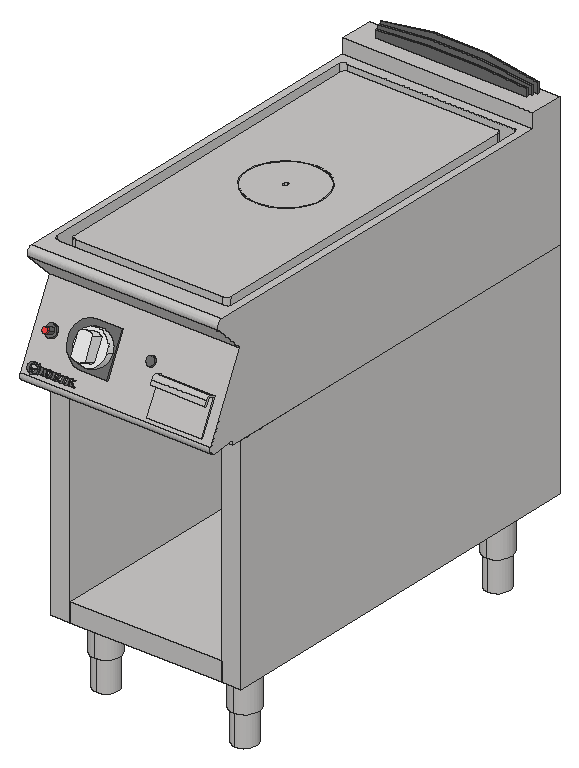
Revit family "QF_GIORIK_TG920G", category Specialty Equipment, Revit 2014
Parameters (values of type "TG920G")
  Weight in Pounds = 198.4158
  URL Cutsheet = "www.giorik.com"
  URL = "www.giorik.com"
  Status [instance] = ""
  Specification by User [instance] = ""
  Specification by Manufacturer = ""
  Show Logo [instance] = yes
  Show Clearance [instance] = yes
  Serial Number = ""
  Seismic Rating = ""
  SMACNA No = ""
  Revision Code [instance] = ""
  NAFEM Spec ID Number = ""
  Model = "TG920G"
  Mechanical Remarks [instance] = "Natural Gas"
  Mechanical Connection Type [instance] = ""
  Masterspec = ""
  Manufacturer = "GIORIK"
  Item Number [instance] = ""
  Installed By [instance] = ""
  Identify Quantity as Lot [instance] = no
  Gas Size = 1"
  Gas RI Height [instance] = 0 mm
  Gas KW = 7.5
  Gas Input = 7500 W
  Gas Connection Height [instance] = 150 mm
  Furnished By [instance] = ""
  Foodservice Equipment Identifier [instance] = yes
  Description = "GAS SOLID TOP HOB ON OPEN BASE UNIT"
  CSI MasterFormat = ""
  Assembly Code = "E1090320"
Reference planes
  plane 1 "Back": y = 0
  plane 2: z = 0
  plane 3 "Left": x = 0
  plane 4 "Right": x = 400
  plane 5 "Front": y = -920
  plane 6 "Top": z = 900
Forms (mm)
  Extrusion 1, solid, visible <- "Show Logo"
    sketch origin (-83.016, -936.624, 609.486) x (-1, 0, 0) y (0, 0.452718, 0.891654)
      loop
        line (-118.824, 58.358) -> (-127.804, 58.358) -> (-125.523, 56.445) -> (-125.523, 48.027) -> (-127.804, 46.113) -> (-118.824, 46.113) -> (-121.105, 48.027) -> (-121.105, 56.445) -> (-118.824, 58.358)
      loop
        line (-163.721, 58.358) -> (-172.7, 58.358) -> (-170.42, 56.445) -> (-170.42, 48.027) -> (-172.7, 46.113) -> (-163.721, 46.113) -> (-166.001, 48.027) -> (-166.001, 56.445) -> (-163.721, 58.358)
      loop
        line (-174.332, 58.358) -> (-183.312, 58.358) -> (-181.031, 56.445) -> (-181.031, 52.435) -> (-186.419, 56.955) -> (-184.416, 58.358) -> (-191.268, 58.358) -> (-188.01, 56.839) -> (-185.455, 54.283) -> (-190.846, 47.858) -> (-193.396, 46.93) -> (-193.396, 46.113) -> (-184.416, 46.113) -> (-185.437, 47.571) -> (-182.443, 51.552) -> (-181.031, 50.894) -> (-181.031, 48.027) -> (-183.312, 46.113) -> (-174.332, 46.113) -> (-176.613, 48.027) -> (-176.613, 56.445) -> (-174.332, 58.358)
      loop
        line (-115.429, 62.063) -> (-115.429, 54.198)
        arc (-115.429, 54.198) -> (-111.618, 57.803) -> (-106.847, 59.986) r 16.039
        arc (-106.847, 59.986) -> (-103.314, 59.837) -> (-100.512, 57.68) r 5.851
        arc (-100.512, 57.68) -> (-98.815, 52.267) -> (-100.512, 46.853) r 9.479
        arc (-100.512, 46.853) -> (-102.406, 44.986) -> (-104.846, 43.93) r 7.236
        arc (-104.846, 43.93) -> (-107.728, 44.111) -> (-110.052, 45.825) r 5.11
        line (-110.052, 45.825) -> (-110.052, 52.001) -> (-116.141, 52.001) -> (-116.141, 45.503) -> (-117.893, 43.751) -> (-114.094, 44.769)
        arc (-114.094, 44.769) -> (-112.56, 44.947) -> (-111.129, 44.366) r 3.115
        arc (-111.129, 44.366) -> (-104.216, 42.091) -> (-97.303, 44.366) r 11.641
        arc (-97.303, 44.366) -> (-93.396, 52.107) -> (-97.303, 59.849) r 9.622
        arc (-97.303, 59.849) -> (-104.369, 62.174) -> (-111.435, 59.849) r 11.898
        line (-111.435, 59.849) -> (-115.429, 62.063)
      loop
        arc (-129.234, 56.068) -> (-135.893, 58.628) -> (-142.552, 56.068) r 9.941
        arc (-142.552, 56.068) -> (-144.234, 52.286) -> (-142.552, 48.505) r 5.093
        arc (-142.552, 48.505) -> (-135.893, 45.945) -> (-129.234, 48.505) r 9.941
        arc (-129.234, 48.505) -> (-127.552, 52.286) -> (-129.234, 56.068) r 5.093
      loop
        arc (-132.628, 54.403) -> (-135.893, 57.668) -> (-139.158, 54.403) r 3.265
        line (-139.158, 54.403) -> (-139.158, 50.169)
        arc (-139.158, 50.169) -> (-135.893, 46.904) -> (-132.628, 50.169) r 3.265
        line (-132.628, 50.169) -> (-132.628, 54.403)
      loop
        arc (-156.363, 58.365) -> (-159.647, 55.081) -> (-156.363, 51.796) r 3.285
        line (-156.363, 51.796) -> (-159.529, 47.306) -> (-162.087, 46.113) -> (-155.847, 46.113) -> (-153.529, 51.083) -> (-150.637, 51.083) -> (-150.637, 47.784) -> (-153.022, 46.113) -> (-144.011, 46.113) -> (-146.094, 47.68) -> (-146.094, 56.493) -> (-144.229, 58.365) -> (-156.363, 58.365)
      loop
        line (-150.637, 57.512) -> (-153.637, 57.512)
        arc (-153.637, 57.512) -> (-156.237, 54.912) -> (-153.637, 52.312) r 2.6
        line (-153.637, 52.312) -> (-150.637, 52.312) -> (-150.637, 57.512)
      loop
        line (-108.924, 52.001) -> (-104.936, 49.005) -> (-100.948, 52.001) -> (-108.924, 52.001)
    from 1.5 to -0.5
  Extrusion 2, solid
    sketch origin (-16, 1025.948, 0) x (1, 0, 0) y (0, 1, 0)
      loop
        line (25, -1086.81) -> (25, -1156.81) -> (115, -1156.81) -> (115, -1086.81) -> (25, -1086.81)
    from 148 to 150
  Extrusion 3, solid
    sketch origin (-4, 0.038, 130) x (1, 0, 0) y (0, 1, 0)
      loop
        circle (54, -385) r 12.5
    from 0 to 20
  Extrusion 4, solid
    sketch origin (0, 800.138, -20) x (0, 1, 0) y (0, 0, 1)
      loop
        line (-800.138, 919.988) -> (-870.138, 919.988) -> (-870.138, 889.988) -> (-1688.806, 889.988)
        arc (-1688.806, 889.988) -> (-1699.151, 883.075) -> (-1696.724, 870.873) r 11.197
        line (-1696.724, 870.873) -> (-1640.876, 815.025) -> (-1718.948, 661.258)
        arc (-1718.948, 661.258) -> (-1718.233, 650.105) -> (-1708.118, 645.354) r 10.981
        line (-1708.118, 645.354) -> (-1660, 649.925) -> (-1660, 640) -> (-800.138, 640) -> (-800.138, 919.988)
    from 0 to 400
  Extrusion 5, solid
    sketch origin (0, -199.862, 599.536) x (1, 0, 0) y (0, 1, 0)
      loop
        line (0, -640) -> (40, -640) -> (40, 159.862) -> (360, 159.862) -> (360, -640) -> (400, -640) -> (400, 199.862) -> (0, 199.862) -> (0, -640)
    from -449.536 to 20.464
  Extrusion 6, solid
    sketch origin (0, -199.862, 0) x (1, 0, 0) y (0, 1, 0)
      loop
        line (40, 159.862) -> (40, -640) -> (360, -640) -> (360, 159.862) -> (40, 159.862)
    from 150 to 190
  Extrusion 7, solid
    sketch origin (-16, 360.948, 0) x (1, 0, 0) y (0, 1, 0)
      loop
        line (25, -1086.81) -> (25, -1156.81) -> (115, -1156.81) -> (115, -1086.81) -> (25, -1086.81)
    from 148 to 150
  Revolve 8, solid
    sketch origin (54, 360.948, 0) x (0, 1, 0) y (0, 0, 1)
      loop
        line (-1092.56, 66) -> (-1092.56, 148) -> (-1121.81, 148) -> (-1121.81, 0) -> (-1096.81, 0) -> (-1096.81, 66) -> (-1092.56, 66)
      axis (-1121.81, 0) -> (-1121.81, 148)
    angle from 0 to 360
  Revolve 9, solid
    sketch origin (54, 1025.948, 0) x (0, 1, 0) y (0, 0, 1)
      loop
        line (-1092.56, 66) -> (-1092.56, 148) -> (-1121.81, 148) -> (-1121.81, 0) -> (-1096.81, 0) -> (-1096.81, 66) -> (-1092.56, 66)
      axis (-1121.81, 0) -> (-1121.81, 148)
    angle from 0 to 360
  Extrusion 10, solid
    sketch origin (416, 360.948, 0) x (-1, 0, 0) y (0, -1, 0)
      loop
        line (25, 1086.81) -> (115, 1086.81) -> (115, 1156.81) -> (25, 1156.81) -> (25, 1086.81)
    from 148 to 150
  Revolve 11, solid
    sketch origin (346, 360.948, 0) x (0, 1, 0) y (0, 0, -1)
      loop
        line (-1092.56, -66) -> (-1096.81, -66) -> (-1096.81, 0) -> (-1121.81, 0) -> (-1121.81, -148) -> (-1092.56, -148) -> (-1092.56, -66)
      axis (-1121.81, 0) -> (-1121.81, -148)
    angle from 0 to 360
  Extrusion 12, void
    sketch origin (402.225, -199.862, 900) x (0, 1, 0) y (-1, 0, 0)
      loop
        line (109.862, 27.225) -> (109.862, 377.225)
        arc (109.862, 377.225) -> (106.933, 384.296) -> (99.862, 387.225) r 10
        line (99.862, 387.225) -> (-640.565, 387.225)
        arc (-640.565, 387.225) -> (-647.636, 384.296) -> (-650.565, 377.225) r 10
        line (-650.565, 377.225) -> (-650.565, 27.225)
        arc (-650.565, 27.225) -> (-647.636, 20.154) -> (-640.565, 17.225) r 10
        line (-640.565, 17.225) -> (99.862, 17.225)
        arc (99.862, 17.225) -> (106.933, 20.154) -> (109.862, 27.225) r 10
    from -30.012 to -70.012
  Extrusion 13, solid
    sketch origin (416, -1217.672, 0) x (-1, 0, 0) y (0, -1, 0)
      loop
        line (25, -1086.81) -> (25, -1156.81) -> (115, -1156.81) -> (115, -1086.81) -> (25, -1086.81)
    from 148 to 150
  Revolve 14, solid
    sketch origin (346, -1217.672, 0) x (0, -1, 0) y (0, 0, 1)
      loop
        line (-1092.56, 66) -> (-1092.56, 148) -> (-1121.81, 148) -> (-1121.81, 0) -> (-1096.81, 0) -> (-1096.81, 66) -> (-1092.56, 66)
      axis (-1121.81, 0) -> (-1121.81, 148)
    angle from 0 to 360
  Extrusion 15, solid
    sketch origin (-397.775, -199.862, 829.988) x (0, 1, 0) y (-1, 0, 0)
      loop
        line (89.862, -752.776) -> (89.862, -442.775)
        arc (89.862, -442.775) -> (86.933, -435.704) -> (79.862, -432.775) r 10
        line (79.862, -432.775) -> (-620.565, -432.775)
        arc (-620.565, -432.775) -> (-627.636, -435.704) -> (-630.565, -442.775) r 10
        line (-630.565, -442.775) -> (-630.565, -752.776)
        arc (-630.565, -752.776) -> (-627.636, -759.847) -> (-620.565, -762.776) r 10
        line (-620.565, -762.776) -> (79.862, -762.776)
        arc (79.862, -762.776) -> (86.933, -759.847) -> (89.862, -752.776) r 10
      loop
        circle (-270.351, -597.776) r 80
    from 0 to 40
  Extrusion 16, solid
    sketch origin (-399.41, -99.931, 829.988) x (0, 1, 0) y (-1, 0, 0)
      loop
        circle (-370.282, -599.41) r 78
      loop
        circle (-370.282, -599.41) r 5
    from 0 to 40
  Extrusion 17, solid
    sketch origin (-294.488, -1163.208, 52.363) x (1, 0, 0) y (0, 0.452718, 0.891654)
      loop
        line (463.221, 676.25) -> (463.221, 766.25) -> (409.698, 766.25)
        arc (409.698, 766.25) -> (364.698, 721.25) -> (409.698, 676.25) r 45
        line (409.698, 676.25) -> (463.221, 676.25)
    from 48 to 50
  Extrusion 18, solid
    sketch origin (480.064, -1208.559, 74.959) x (-1, 0, 0) y (0, -0.45351, -0.891251)
      loop
        circle (351.331, -721.346) r 35
    from 0 to 15
  Extrusion 19, solid
    sketch origin (480.064, -1208.559, 74.959) x (-1, 0, 0) y (0, -0.45351, -0.891251)
      loop
        arc (336.331, -743.846) -> (351.331, -748.846) -> (366.331, -743.846) r 25
        line (366.331, -743.846) -> (366.331, -698.846)
        arc (366.331, -698.846) -> (351.331, -693.846) -> (336.331, -698.846) r 25
        line (336.331, -698.846) -> (336.331, -743.846)
    from 15 to 40
  Extrusion 20, solid
    sketch origin (73.883, -1180.381, 71.011) x (-1, 0, 0) y (0, -0.452718, -0.891654)
      loop
        circle (38.702, -711.666) r 12.5
    from 25 to 27
  Extrusion 21, solid
    sketch origin (800.091, -1207.364, 77.507) x (-1, 0, 0) y (0, -0.452718, -0.891654)
      loop
        circle (764.91, -718.089) r 6
    from 0 to 15
  Extrusion 22, solid
    sketch origin (800.091, -1208.4, 78.033) x (-1, 0, 0) y (0, -0.452718, -0.891654)
      loop
        circle (764.91, -718.089) r 6
    from 13.838 to 15.838
  Extrusion 23, solid
    sketch origin (-94, 0, -10.001) x (1, 0, 0) y (0, 0, 1)
      loop
        line (135, 909.989) -> (453, 909.989) -> (453, 925.527) -> (347.056, 931.749) -> (240.944, 931.749) -> (135, 925.527) -> (135, 909.989)
    from 32 to 35
  Extrusion 24, solid
    sketch origin (-92, 10, -10.001) x (1, 0, 0) y (0, 0, 1)
      loop
        line (454, 909.989) -> (454, 928.527) -> (346.162, 939.193) -> (237.838, 939.193) -> (130, 928.527) -> (130, 909.989) -> (454, 909.989)
    from 32 to 35
  Extrusion 25, solid
    sketch origin (-90, 20, -10.001) x (1, 0, 0) y (0, 0, 1)
      loop
        line (455, 909.989) -> (455, 930.527) -> (345.396, 947.413) -> (234.604, 947.413) -> (125, 930.527) -> (125, 909.989) -> (455, 909.989)
    from 32 to 35
  Extrusion 26, solid
    sketch origin (127.393, -1206.574, 162.846) x (0, 0.891654, -0.452718) y (0, 0.452718, 0.891654)
      loop
        line (40, 640.1) -> (30, 640.1)
        arc (30, 640.1) -> (22.929, 637.171) -> (20, 630.1) r 10
        line (20, 630.1) -> (20, 620.1) -> (22, 620.1) -> (22, 630.1)
        arc (22, 630.1) -> (24.343, 635.757) -> (30, 638.1) r 8
        line (30, 638.1) -> (38, 638.1) -> (38, 565.1) -> (40, 565.1) -> (40, 640.1)
    from 137.5 to 252.5
  Extrusion 27, solid
    sketch origin (278.883, -1174.264, 82.905) x (-1, 0, 0) y (0, -0.452718, -0.891654)
      loop
        circle (38.657, -711.64) r 9
    from 25 to 27
Cuts and joins
  Extrusion 12 cuts Extrusion 4
Lines and regions (mm)
  symbolic lines, style "200-EquipBorder-2D"
    curve 1: line (0, -920, 0) -> (400, -920, 0)
    curve 2: line (400, -920, 0) -> (400, 0, 0)
    curve 3: line (400, 0, 0) -> (0, 0, 0)
    curve 4: line (0, 0, 0) -> (0, -920, 0)
  symbolic lines, style "200-EquipInternal-2D"
    curve 5: line (0, -70, 900) -> (400, -70, 900)
    curve 6: line (35, -12, 900) -> (365, -12, 900)
    curve 7: line (365, -12, 900) -> (365, -15, 900)
    curve 8: line (365, -15, 900) -> (35, -15, 900)
    curve 9: line (35, -15, 900) -> (35, -12, 900)
    curve 10: line (38, -22, 900) -> (362, -22, 900)
    curve 11: line (362, -22, 900) -> (362, -25, 900)
    curve 12: line (362, -25, 900) -> (38, -25, 900)
    curve 13: line (38, -25, 900) -> (38, -22, 900)
    curve 14: line (41, -32, 900) -> (359, -32, 900)
    curve 15: line (359, -32, 900) -> (359, -35, 900)
    curve 16: line (359, -35, 900) -> (41, -35, 900)
    curve 17: line (41, -35, 900) -> (41, -32, 900)
    curve 18: arc (25, -90, 900) -> (17.929, -92.929, 900) -> (15, -100, 900) r 10
    curve 19: line (375, -90, 900) -> (25, -90, 900)
    curve 20: line (355.001, -110, 900) -> (45, -110, 900)
    curve 21: line (15, -100, 900) -> (15, -840.427, 900)
    curve 22: line (35, -120, 900) -> (35, -820.427, 900)
    curve 23: arc (45, -110, 900) -> (37.929, -112.929, 900) -> (35, -120, 900) r 10
    curve 24: line (365.001, -820.427, 900) -> (365.001, -120, 900)
    curve 25: line (385, -840.427, 900) -> (385, -100, 900)
    curve 26: arc (385, -100, 900) -> (382.071, -92.929, 900) -> (375, -90, 900) r 10
    curve 27: arc (365.001, -120, 900) -> (362.072, -112.929, 900) -> (355.001, -110, 900) r 10
    curve 28: arc (15, -840.427, 900) -> (17.929, -847.498, 900) -> (25, -850.427, 900) r 10
    curve 29: arc (35, -820.427, 900) -> (37.929, -827.498, 900) -> (45, -830.427, 900) r 10
    curve 30: line (25, -850.427, 900) -> (375, -850.427, 900)
    curve 31: line (45, -830.427, 900) -> (355.001, -830.427, 900)
    curve 32: arc (355.001, -830.427, 900) -> (362.072, -827.498, 900) -> (365.001, -820.427, 900) r 10
    curve 33: arc (375, -850.427, 900) -> (382.071, -847.498, 900) -> (385, -840.427, 900) r 10
    curve 34: arc (280.001, -470.214, 900) -> (200.001, -550.214, 900) -> (120.001, -470.214, 900) r 80
    curve 35: arc (122.001, -470.214, 900) -> (200.001, -548.214, 900) -> (278.001, -470.214, 900) r 78
    curve 36: arc (205.001, -470.214, 900) -> (200.001, -475.214, 900) -> (195.001, -470.214, 900) r 5
    curve 37: arc (195.001, -470.214, 900) -> (200.001, -465.214, 900) -> (205.001, -470.214, 900) r 5
    curve 38: arc (278.001, -470.214, 900) -> (200.001, -392.214, 900) -> (122.001, -470.214, 900) r 78
    curve 39: arc (120.001, -470.214, 900) -> (200.001, -390.214, 900) -> (280.001, -470.214, 900) r 80
Dimensions and locks
  plane 3 "Left" to plane 4 "Right" = 400 mm
  plane 5 "Front" to plane 1 "Back" = 920 mm
  plane 4 "Right" to plane 3 "Left" = 400 mm
  plane 1 "Back" to plane 5 "Front" = 920 mm
  plane 6 "Top" to level = 900 mm  (x2)
  aligned and locked: level to plane 2
Connectors
  piping at (50, -384.962, 130), diameter 25.4, driven by "Gas Size"
    settings: on Extrusion 3, index 1, connector inside diameter 24", connector length 0 mm, flow factor 0, pipe flow 0.0 L/s, pressure drop 0.0 Pa, fitting loss kfactor 0, connector angle 0.00°, fixture units 0, engagement length 0 mm, angle of deflection 0.00°, flow configuration 1, flow direction 1, fitting loss method 0, system type 22, joint type 0, gender type 0, connector reference index -1, connector utility 0, adjustable connector no, is connector primary yes, connector description "Gas inlet"
